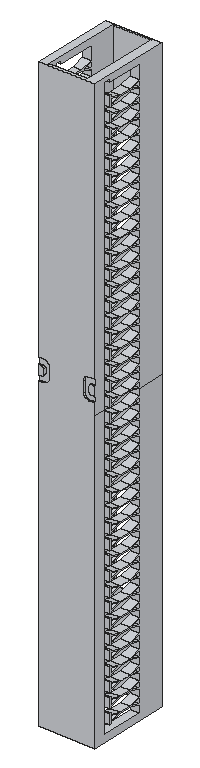
Revit family
Parameters
  Material ID = "760072876"
  Description = "Vertical Cable Management Kit, 8in X 84in (203mm X 2134mm) Single Sided, With Door, Silver"
Reference planes (in)
  plane 1 "Center (Front/Back)": y = 0
  plane 2: z = 0
  plane 3 "Center (Left/Right)": x = 0
Forms (in)
  Extrusion 1, void, not visible
    sketch origin (0, 0, 0) x (1, 0, 0) y (0, 0, 1)
      loop
        line (-7.85662, 0.48089) -> (-7.85662, -0.39002) -> (-7.67285, -0.39002) -> (-7.67285, -0.64002) -> (-7.0736, -0.64002) -> (-7.0736, -0.39002) -> (-6.92978, -0.39002) -> (-6.92978, 0.48089) -> (-7.85662, 0.48089)
    from -3.79215 to 12
  Extrusion 2, void, not visible
    sketch origin (0, 0, 0) x (1, 0, 0) y (0, 0, 1)
      loop
        line (-8.21397, 0.42583) -> (-8.21397, -0.07417) -> (-8.08657, -0.07417) -> (-8.08657, -0.27417) -> (-7.83657, -0.27417) -> (-7.83657, -0.07417) -> (-7.72497, -0.07417) -> (-7.72497, 0.42583) -> (-8.21397, 0.42583)
    from 0.74059 to 3.34334
  Extrusion 3, solid
    sketch origin (0, 0, 0) x (1, 0, 0) y (0, 0, 1)
      loop
        line (7, 42) -> (-1, 42) -> (-1, -42) -> (7, -42) -> (7, 0) -> (7, 42)
    from 11.281 to -0.549
  Extrusion 4, void
    sketch origin (0, 0, 0) x (1, 0, 0) y (0, 0, 1)
      loop
        line (7, 4.67999) -> (6.17811, 4.67999)
        arc (6.17811, 4.67999) -> (5.61242, 4.44568) -> (5.37811, 3.87999) r 0.8
        line (5.37811, 3.87999) -> (5.37811, 2.45474)
        arc (5.37811, 2.45474) -> (5.61242, 1.88905) -> (6.17811, 1.65474) r 0.8
        line (6.17811, 1.65474) -> (7, 1.65474) -> (7, 2.45474) -> (6.47811, 2.45474)
        arc (6.47811, 2.45474) -> (6.26598, 2.54261) -> (6.17811, 2.75474) r 0.3
        line (6.17811, 2.75474) -> (6.17811, 3.44627)
        arc (6.17811, 3.44627) -> (6.26598, 3.6584) -> (6.47811, 3.74627) r 0.3
        line (6.47811, 3.74627) -> (7, 3.74627) -> (7, 4.67999)
      loop
        line (-1, 4.67999) -> (-1, 3.74627) -> (-0.47811, 3.74627)
        arc (-0.47811, 3.74627) -> (-0.26598, 3.6584) -> (-0.17811, 3.44627) r 0.3
        line (-0.17811, 3.44627) -> (-0.17811, 2.75474)
        arc (-0.17811, 2.75474) -> (-0.26598, 2.54261) -> (-0.47811, 2.45474) r 0.3
        line (-0.47811, 2.45474) -> (-1, 2.45474) -> (-1, 1.65474) -> (-0.17811, 1.65474)
        arc (-0.17811, 1.65474) -> (0.38758, 1.88905) -> (0.62189, 2.45474) r 0.8
        line (0.62189, 2.45474) -> (0.62189, 3.87999)
        arc (0.62189, 3.87999) -> (0.38758, 4.44568) -> (-0.17811, 4.67999) r 0.8
        line (-0.17811, 4.67999) -> (-1, 4.67999)
    from 11.08569 to 11.281
  Extrusion 5, void
    sketch origin (0, 0, 0) x (1, 0, 0) y (0, 1, 0)
      loop
        line (5.70983, 0.3385) -> (0.20983, 0.3385) -> (0.20983, -10.9115) -> (5.70983, -10.9115) -> (5.70983, 0.3385)
    from -57.1272 to 54.97812
  Extrusion 6, void
    sketch origin (0, 0, 0) x (0, 1, 0) y (0, 0, 1)
      loop
        line (-3.37841, 39.06909) -> (-3.37841, 41.06909) -> (-8.50915, 41.06909) -> (-8.50915, 39.06909) -> (-6.81878, 38.61615) -> (-5.06878, 38.61615) -> (-3.37841, 39.06909)
      loop
        line (-3.37841, 38.06909) -> (-5.06878, 38.52202) -> (-6.81878, 38.52202) -> (-8.50915, 38.06909) -> (-8.50915, 37.81909) -> (-8.50915, 37.06909) -> (-6.81878, 36.61615) -> (-5.06878, 36.61615) -> (-3.37841, 37.06909) -> (-3.37841, 37.81909) -> (-3.37841, 38.06909)
      loop
        line (-3.37841, 39.00985) -> (-4.9864, 38.57899) -> (-3.37841, 38.14813) -> (-3.37841, 39.00985)
      loop
        line (-8.50915, 39.00985) -> (-8.50915, 38.14813) -> (-6.90115, 38.57899) -> (-8.50915, 39.00985)
      loop
        line (-3.37841, 36.06909) -> (-5.06878, 36.52202) -> (-6.81878, 36.52202) -> (-8.50915, 36.06909) -> (-8.50915, 35.06909) -> (-6.81878, 34.61615) -> (-5.06878, 34.61615) -> (-3.37841, 35.06909) -> (-3.37841, 36.06909)
      loop
        line (-3.37841, 37.00985) -> (-4.9864, 36.57899) -> (-3.37841, 36.14813) -> (-3.37841, 37.00985)
      loop
        line (-8.50915, 37.00985) -> (-8.50915, 36.14813) -> (-6.90115, 36.57899) -> (-8.50915, 37.00985)
      loop
        line (-3.37841, 34.06909) -> (-5.06878, 34.52202) -> (-6.81878, 34.52202) -> (-8.50915, 34.06909) -> (-8.50915, 33.06909) -> (-6.81878, 32.61615) -> (-5.06878, 32.61615) -> (-3.37841, 33.06909) -> (-3.37841, 34.06909)
      loop
        line (-3.37841, 35.00985) -> (-4.9864, 34.57899) -> (-3.37841, 34.14813) -> (-3.37841, 35.00985)
      loop
        line (-8.50915, 35.00985) -> (-8.50915, 34.14813) -> (-6.90115, 34.57899) -> (-8.50915, 35.00985)
      loop
        line (-3.37841, 32.06909) -> (-5.06878, 32.52202) -> (-6.81878, 32.52202) -> (-8.50915, 32.06909) -> (-8.50915, 31.06909) -> (-6.81878, 30.61615) -> (-5.06878, 30.61615) -> (-3.37841, 31.06909) -> (-3.37841, 32.06909)
      loop
        line (-3.37841, 33.00985) -> (-4.9864, 32.57899) -> (-3.37841, 32.14813) -> (-3.37841, 33.00985)
      loop
        line (-8.50915, 33.00985) -> (-8.50915, 32.14813) -> (-6.90115, 32.57899) -> (-8.50915, 33.00985)
      loop
        line (-3.37841, 30.06909) -> (-5.06878, 30.52202) -> (-6.81878, 30.52202) -> (-8.50915, 30.06909) -> (-8.50915, 29.06909) -> (-6.81878, 28.61615) -> (-5.06878, 28.61615) -> (-3.37841, 29.06909) -> (-3.37841, 30.06909)
      loop
        line (-3.37841, 31.00985) -> (-4.9864, 30.57899) -> (-3.37841, 30.14813) -> (-3.37841, 31.00985)
      loop
        line (-8.50915, 31.00985) -> (-8.50915, 30.14813) -> (-6.90115, 30.57899) -> (-8.50915, 31.00985)
      loop
        line (-3.37841, 28.06909) -> (-5.06878, 28.52202) -> (-6.81878, 28.52202) -> (-8.50915, 28.06909) -> (-8.50915, 27.06909) -> (-6.81878, 26.61615) -> (-5.06878, 26.61615) -> (-3.37841, 27.06909) -> (-3.37841, 28.06909)
      loop
        line (-3.37841, 29.00985) -> (-4.9864, 28.57899) -> (-3.37841, 28.14813) -> (-3.37841, 29.00985)
      loop
        line (-8.50915, 29.00985) -> (-8.50915, 28.14813) -> (-6.90115, 28.57899) -> (-8.50915, 29.00985)
      loop
        line (-3.37841, 26.06909) -> (-5.06878, 26.52202) -> (-6.81878, 26.52202) -> (-8.50915, 26.06909) -> (-8.50915, 25.06909) -> (-6.81878, 24.61615) -> (-5.06878, 24.61615) -> (-3.37841, 25.06909) -> (-3.37841, 26.06909)
      loop
        line (-3.37841, 27.00985) -> (-4.9864, 26.57899) -> (-3.37841, 26.14813) -> (-3.37841, 27.00985)
      loop
        line (-8.50915, 27.00985) -> (-8.50915, 26.14813) -> (-6.90115, 26.57899) -> (-8.50915, 27.00985)
      loop
        line (-3.37841, 24.06909) -> (-5.06878, 24.52202) -> (-6.81878, 24.52202) -> (-8.50915, 24.06909) -> (-8.50915, 23.06909) -> (-6.81878, 22.61615) -> (-5.06878, 22.61615) -> (-3.37841, 23.06909) -> (-3.37841, 24.06909)
      loop
        line (-3.37841, 25.00985) -> (-4.9864, 24.57899) -> (-3.37841, 24.14813) -> (-3.37841, 25.00985)
      loop
        line (-8.50915, 25.00985) -> (-8.50915, 24.14813) -> (-6.90115, 24.57899) -> (-8.50915, 25.00985)
      loop
        line (-3.37841, 22.06909) -> (-5.06878, 22.52202) -> (-6.81878, 22.52202) -> (-8.50915, 22.06909) -> (-8.50915, 21.06909) -> (-6.81878, 20.61615) -> (-5.06878, 20.61615) -> (-3.37841, 21.06909) -> (-3.37841, 22.06909)
      loop
        line (-3.37841, 23.00985) -> (-4.9864, 22.57899) -> (-3.37841, 22.14813) -> (-3.37841, 23.00985)
      loop
        line (-8.50915, 23.00985) -> (-8.50915, 22.14813) -> (-6.90115, 22.57899) -> (-8.50915, 23.00985)
      loop
        line (-3.37841, 20.06909) -> (-5.06878, 20.52202) -> (-6.81878, 20.52202) -> (-8.50915, 20.06909) -> (-8.50915, 19.06909) -> (-6.81878, 18.61615) -> (-5.06878, 18.61615) -> (-3.37841, 19.06909) -> (-3.37841, 20.06909)
      loop
        line (-3.37841, 21.00985) -> (-4.9864, 20.57899) -> (-3.37841, 20.14813) -> (-3.37841, 21.00985)
      loop
        line (-8.50915, 21.00985) -> (-8.50915, 20.14813) -> (-6.90115, 20.57899) -> (-8.50915, 21.00985)
      loop
        line (-3.37841, 18.06909) -> (-5.06878, 18.52202) -> (-6.81878, 18.52202) -> (-8.50915, 18.06909) -> (-8.50915, 17.06909) -> (-6.81878, 16.61615) -> (-5.06878, 16.61615) -> (-3.37841, 17.06909) -> (-3.37841, 18.06909)
      loop
        line (-3.37841, 19.00985) -> (-4.9864, 18.57899) -> (-3.37841, 18.14813) -> (-3.37841, 19.00985)
      loop
        line (-8.50915, 19.00985) -> (-8.50915, 18.14813) -> (-6.90115, 18.57899) -> (-8.50915, 19.00985)
      loop
        line (-3.37841, 16.06909) -> (-5.06878, 16.52202) -> (-6.81878, 16.52202) -> (-8.50915, 16.06909) -> (-8.50915, 15.06909) -> (-6.81878, 14.61615) -> (-5.06878, 14.61615) -> (-3.37841, 15.06909) -> (-3.37841, 16.06909)
      loop
        line (-3.37841, 17.00985) -> (-4.9864, 16.57899) -> (-3.37841, 16.14813) -> (-3.37841, 17.00985)
      loop
        line (-8.50915, 17.00985) -> (-8.50915, 16.14813) -> (-6.90115, 16.57899) -> (-8.50915, 17.00985)
      loop
        line (-3.37841, 14.06909) -> (-5.06878, 14.52202) -> (-6.81878, 14.52202) -> (-8.50915, 14.06909) -> (-8.50915, 13.06909) -> (-6.81878, 12.61615) -> (-5.06878, 12.61615) -> (-3.37841, 13.06909) -> (-3.37841, 14.06909)
      loop
        line (-3.37841, 15.00985) -> (-4.9864, 14.57899) -> (-3.37841, 14.14813) -> (-3.37841, 15.00985)
      loop
        line (-8.50915, 15.00985) -> (-8.50915, 14.14813) -> (-6.90115, 14.57899) -> (-8.50915, 15.00985)
      loop
        line (-3.37841, 12.06909) -> (-5.06878, 12.52202) -> (-6.81878, 12.52202) -> (-8.50915, 12.06909) -> (-8.50915, 11.06909) -> (-6.81878, 10.61615) -> (-5.06878, 10.61615) -> (-3.37841, 11.06909) -> (-3.37841, 12.06909)
      loop
        line (-3.37841, 13.00985) -> (-4.9864, 12.57899) -> (-3.37841, 12.14813) -> (-3.37841, 13.00985)
      loop
        line (-8.50915, 13.00985) -> (-8.50915, 12.14813) -> (-6.90115, 12.57899) -> (-8.50915, 13.00985)
      loop
        line (-3.37841, 10.06909) -> (-5.06878, 10.52202) -> (-6.81878, 10.52202) -> (-8.50915, 10.06909) -> (-8.50915, 9.06909) -> (-6.81878, 8.61615) -> (-5.06878, 8.61615) -> (-3.37841, 9.06909) -> (-3.37841, 10.06909)
      loop
        line (-3.37841, 11.00985) -> (-4.9864, 10.57899) -> (-3.37841, 10.14813) -> (-3.37841, 11.00985)
      loop
        line (-8.50915, 11.00985) -> (-8.50915, 10.14813) -> (-6.90115, 10.57899) -> (-8.50915, 11.00985)
      loop
        line (-3.37841, 8.06909) -> (-5.06878, 8.52202) -> (-6.81878, 8.52202) -> (-8.50915, 8.06909) -> (-8.50915, 7.06909) -> (-6.81878, 6.61615) -> (-5.06878, 6.61615) -> (-3.37841, 7.06909) -> (-3.37841, 8.06909)
      loop
        line (-3.37841, 9.00985) -> (-4.9864, 8.57899) -> (-3.37841, 8.14813) -> (-3.37841, 9.00985)
      loop
        line (-8.50915, 9.00985) -> (-8.50915, 8.14813) -> (-6.90115, 8.57899) -> (-8.50915, 9.00985)
      loop
        line (-3.37841, 6.06909) -> (-5.06878, 6.52202) -> (-6.81878, 6.52202) -> (-8.50915, 6.06909) -> (-8.50915, 5.06909) -> (-6.81878, 4.61615) -> (-5.06878, 4.61615) -> (-3.37841, 5.06909) -> (-3.37841, 6.06909)
      loop
        line (-3.37841, 7.00985) -> (-4.9864, 6.57899) -> (-3.37841, 6.14813) -> (-3.37841, 7.00985)
      loop
        line (-8.50915, 7.00985) -> (-8.50915, 6.14813) -> (-6.90115, 6.57899) -> (-8.50915, 7.00985)
      loop
        line (-3.37841, 4.06909) -> (-5.06878, 4.52202) -> (-6.81878, 4.52202) -> (-8.50915, 4.06909) -> (-8.50915, 3.06909) -> (-6.81878, 2.61615) -> (-5.06878, 2.61615) -> (-3.37841, 3.06909) -> (-3.37841, 4.06909)
      loop
        line (-3.37841, 5.00985) -> (-4.9864, 4.57899) -> (-3.37841, 4.14813) -> (-3.37841, 5.00985)
      loop
        line (-8.50915, 5.00985) -> (-8.50915, 4.14813) -> (-6.90115, 4.57899) -> (-8.50915, 5.00985)
      loop
        line (-3.37841, 2.06909) -> (-5.06878, 2.52202) -> (-6.81878, 2.52202) -> (-8.50915, 2.06909) -> (-8.50915, 1.06909) -> (-6.81878, 0.61615) -> (-5.06878, 0.61615) -> (-3.37841, 1.06909) -> (-3.37841, 2.06909)
      loop
        line (-3.37841, 3.00985) -> (-4.9864, 2.57899) -> (-3.37841, 2.14813) -> (-3.37841, 3.00985)
      loop
        line (-8.50915, 3.00985) -> (-8.50915, 2.14813) -> (-6.90115, 2.57899) -> (-8.50915, 3.00985)
      loop
        line (-3.37841, 0.06909) -> (-5.06878, 0.52202) -> (-6.81878, 0.52202) -> (-8.50915, 0.06909) -> (-8.50915, -0.93091) -> (-6.81878, -1.38385) -> (-5.06878, -1.38385) -> (-3.37841, -0.93091) -> (-3.37841, 0.06909)
      loop
        line (-3.37841, 1.00985) -> (-4.9864, 0.57899) -> (-3.37841, 0.14813) -> (-3.37841, 1.00985)
      loop
        line (-8.50915, 1.00985) -> (-8.50915, 0.14813) -> (-6.90115, 0.57899) -> (-8.50915, 1.00985)
      loop
        line (-3.37841, -1.93091) -> (-5.06878, -1.47798) -> (-6.81878, -1.47798) -> (-8.50915, -1.93091) -> (-8.50915, -2.93091) -> (-6.81878, -3.38385) -> (-5.06878, -3.38385) -> (-3.37841, -2.93091) -> (-3.37841, -1.93091)
      loop
        line (-3.37841, -0.99015) -> (-4.9864, -1.42101) -> (-3.37841, -1.85187) -> (-3.37841, -0.99015)
      loop
        line (-8.50915, -0.99015) -> (-8.50915, -1.85187) -> (-6.90115, -1.42101) -> (-8.50915, -0.99015)
      loop
        line (-3.37841, -3.93091) -> (-5.06878, -3.47798) -> (-6.81878, -3.47798) -> (-8.50915, -3.93091) -> (-8.50915, -4.93091) -> (-6.81878, -5.38385) -> (-5.06878, -5.38385) -> (-3.37841, -4.93091) -> (-3.37841, -3.93091)
      loop
        line (-3.37841, -2.99015) -> (-4.9864, -3.42101) -> (-3.37841, -3.85187) -> (-3.37841, -2.99015)
      loop
        line (-8.50915, -2.99015) -> (-8.50915, -3.85187) -> (-6.90115, -3.42101) -> (-8.50915, -2.99015)
      loop
        line (-3.37841, -5.93091) -> (-5.06878, -5.47798) -> (-6.81878, -5.47798) -> (-8.50915, -5.93091) -> (-8.50915, -6.93091) -> (-6.81878, -7.38385) -> (-5.06878, -7.38385) -> (-3.37841, -6.93091) -> (-3.37841, -5.93091)
      loop
        line (-3.37841, -4.99015) -> (-4.9864, -5.42101) -> (-3.37841, -5.85187) -> (-3.37841, -4.99015)
      loop
        line (-8.50915, -4.99015) -> (-8.50915, -5.85187) -> (-6.90115, -5.42101) -> (-8.50915, -4.99015)
      loop
        line (-3.37841, -7.93091) -> (-5.06878, -7.47798) -> (-6.81878, -7.47798) -> (-8.50915, -7.93091) -> (-8.50915, -8.93091) -> (-6.81878, -9.38385) -> (-5.06878, -9.38385) -> (-3.37841, -8.93091) -> (-3.37841, -7.93091)
      loop
        line (-3.37841, -6.99015) -> (-4.9864, -7.42101) -> (-3.37841, -7.85187) -> (-3.37841, -6.99015)
      loop
        line (-8.50915, -6.99015) -> (-8.50915, -7.85187) -> (-6.90115, -7.42101) -> (-8.50915, -6.99015)
      loop
        line (-3.37841, -9.93091) -> (-5.06878, -9.47798) -> (-6.81878, -9.47798) -> (-8.50915, -9.93091) -> (-8.50915, -10.93091) -> (-6.81878, -11.38385) -> (-5.06878, -11.38385) -> (-3.37841, -10.93091) -> (-3.37841, -9.93091)
      loop
        line (-3.37841, -8.99015) -> (-4.9864, -9.42101) -> (-3.37841, -9.85187) -> (-3.37841, -8.99015)
      loop
        line (-8.50915, -8.99015) -> (-8.50915, -9.85187) -> (-6.90115, -9.42101) -> (-8.50915, -8.99015)
      loop
        line (-3.37841, -11.93091) -> (-5.06878, -11.47798) -> (-6.81878, -11.47798) -> (-8.50915, -11.93091) -> (-8.50915, -12.93091) -> (-6.81878, -13.38385) -> (-5.06878, -13.38385) -> (-3.37841, -12.93091) -> (-3.37841, -11.93091)
      loop
        line (-3.37841, -10.99015) -> (-4.9864, -11.42101) -> (-3.37841, -11.85187) -> (-3.37841, -10.99015)
      loop
        line (-8.50915, -10.99015) -> (-8.50915, -11.85187) -> (-6.90115, -11.42101) -> (-8.50915, -10.99015)
      loop
        line (-3.37841, -13.93091) -> (-5.06878, -13.47798) -> (-6.81878, -13.47798) -> (-8.50915, -13.93091) -> (-8.50915, -14.93091) -> (-6.81878, -15.38385) -> (-5.06878, -15.38385) -> (-3.37841, -14.93091) -> (-3.37841, -13.93091)
      loop
        line (-3.37841, -12.99015) -> (-4.9864, -13.42101) -> (-3.37841, -13.85187) -> (-3.37841, -12.99015)
      loop
        line (-8.50915, -12.99015) -> (-8.50915, -13.85187) -> (-6.90115, -13.42101) -> (-8.50915, -12.99015)
      loop
        line (-3.37841, -15.93091) -> (-5.06878, -15.47798) -> (-6.81878, -15.47798) -> (-8.50915, -15.93091) -> (-8.50915, -16.93091) -> (-6.81878, -17.38385) -> (-5.06878, -17.38385) -> (-3.37841, -16.93091) -> (-3.37841, -15.93091)
      loop
        line (-3.37841, -14.99015) -> (-4.9864, -15.42101) -> (-3.37841, -15.85187) -> (-3.37841, -14.99015)
      loop
        line (-8.50915, -14.99015) -> (-8.50915, -15.85187) -> (-6.90115, -15.42101) -> (-8.50915, -14.99015)
      loop
        line (-3.37841, -17.93091) -> (-5.06878, -17.47798) -> (-6.81878, -17.47798) -> (-8.50915, -17.93091) -> (-8.50915, -18.93091) -> (-6.81878, -19.38385) -> (-5.06878, -19.38385) -> (-3.37841, -18.93091) -> (-3.37841, -17.93091)
      loop
        line (-3.37841, -16.99015) -> (-4.9864, -17.42101) -> (-3.37841, -17.85187) -> (-3.37841, -16.99015)
      loop
        line (-8.50915, -16.99015) -> (-8.50915, -17.85187) -> (-6.90115, -17.42101) -> (-8.50915, -16.99015)
      loop
        line (-3.37841, -19.93091) -> (-5.06878, -19.47798) -> (-6.81878, -19.47798) -> (-8.50915, -19.93091) -> (-8.50915, -20.93091) -> (-6.81878, -21.38385) -> (-5.06878, -21.38385) -> (-3.37841, -20.93091) -> (-3.37841, -19.93091)
      loop
        line (-3.37841, -18.99015) -> (-4.9864, -19.42101) -> (-3.37841, -19.85187) -> (-3.37841, -18.99015)
      loop
        line (-8.50915, -18.99015) -> (-8.50915, -19.85187) -> (-6.90115, -19.42101) -> (-8.50915, -18.99015)
      loop
        line (-3.37841, -21.93091) -> (-5.06878, -21.47798) -> (-6.81878, -21.47798) -> (-8.50915, -21.93091) -> (-8.50915, -22.93091) -> (-6.81878, -23.38385) -> (-5.06878, -23.38385) -> (-3.37841, -22.93091) -> (-3.37841, -21.93091)
      loop
        line (-3.37841, -20.99015) -> (-4.9864, -21.42101) -> (-3.37841, -21.85187) -> (-3.37841, -20.99015)
      loop
        line (-8.50915, -20.99015) -> (-8.50915, -21.85187) -> (-6.90115, -21.42101) -> (-8.50915, -20.99015)
      loop
        line (-3.37841, -23.93091) -> (-5.06878, -23.47798) -> (-6.81878, -23.47798) -> (-8.50915, -23.93091) -> (-8.50915, -24.93091) -> (-6.81878, -25.38385) -> (-5.06878, -25.38385) -> (-3.37841, -24.93091) -> (-3.37841, -23.93091)
      loop
        line (-3.37841, -22.99015) -> (-4.9864, -23.42101) -> (-3.37841, -23.85187) -> (-3.37841, -22.99015)
      loop
        line (-8.50915, -22.99015) -> (-8.50915, -23.85187) -> (-6.90115, -23.42101) -> (-8.50915, -22.99015)
      loop
        line (-3.37841, -25.93091) -> (-5.06878, -25.47798) -> (-6.81878, -25.47798) -> (-8.50915, -25.93091) -> (-8.50915, -26.93091) -> (-6.81878, -27.38385) -> (-5.06878, -27.38385) -> (-3.37841, -26.93091) -> (-3.37841, -25.93091)
      loop
        line (-3.37841, -24.99015) -> (-4.9864, -25.42101) -> (-3.37841, -25.85187) -> (-3.37841, -24.99015)
      loop
        line (-8.50915, -24.99015) -> (-8.50915, -25.85187) -> (-6.90115, -25.42101) -> (-8.50915, -24.99015)
      loop
        line (-3.37841, -27.93091) -> (-5.06878, -27.47798) -> (-6.81878, -27.47798) -> (-8.50915, -27.93091) -> (-8.50915, -28.93091) -> (-6.81878, -29.38385) -> (-5.06878, -29.38385) -> (-3.37841, -28.93091) -> (-3.37841, -27.93091)
      loop
        line (-3.37841, -26.99015) -> (-4.9864, -27.42101) -> (-3.37841, -27.85187) -> (-3.37841, -26.99015)
      loop
        line (-8.50915, -26.99015) -> (-8.50915, -27.85187) -> (-6.90115, -27.42101) -> (-8.50915, -26.99015)
      loop
        line (-3.37841, -29.93091) -> (-5.06878, -29.47798) -> (-6.81878, -29.47798) -> (-8.50915, -29.93091) -> (-8.50915, -30.93091) -> (-6.81878, -31.38385) -> (-5.06878, -31.38385) -> (-3.37841, -30.93091) -> (-3.37841, -29.93091)
      loop
        line (-3.37841, -28.99015) -> (-4.9864, -29.42101) -> (-3.37841, -29.85187) -> (-3.37841, -28.99015)
      loop
        line (-8.50915, -28.99015) -> (-8.50915, -29.85187) -> (-6.90115, -29.42101) -> (-8.50915, -28.99015)
      loop
        line (-3.37841, -31.93091) -> (-5.06878, -31.47798) -> (-6.81878, -31.47798) -> (-8.50915, -31.93091) -> (-8.50915, -32.93091) -> (-6.81878, -33.38385) -> (-5.06878, -33.38385) -> (-3.37841, -32.93091) -> (-3.37841, -31.93091)
      loop
        line (-3.37841, -30.99015) -> (-4.9864, -31.42101) -> (-3.37841, -31.85187) -> (-3.37841, -30.99015)
      loop
        line (-8.50915, -30.99015) -> (-8.50915, -31.85187) -> (-6.90115, -31.42101) -> (-8.50915, -30.99015)
      loop
        line (-3.37841, -33.93091) -> (-5.06878, -33.47798) -> (-6.81878, -33.47798) -> (-8.50915, -33.93091) -> (-8.50915, -34.93091) -> (-6.81878, -35.38385) -> (-5.06878, -35.38385) -> (-3.37841, -34.93091) -> (-3.37841, -33.93091)
      loop
        line (-3.37841, -32.99015) -> (-4.9864, -33.42101) -> (-3.37841, -33.85187) -> (-3.37841, -32.99015)
      loop
        line (-8.50915, -32.99015) -> (-8.50915, -33.85187) -> (-6.90115, -33.42101) -> (-8.50915, -32.99015)
      loop
        line (-3.37841, -35.93091) -> (-5.06878, -35.47798) -> (-6.81878, -35.47798) -> (-8.50915, -35.93091) -> (-8.50915, -36.93091) -> (-6.81878, -37.38385) -> (-5.06878, -37.38385) -> (-3.37841, -36.93091) -> (-3.37841, -35.93091)
      loop
        line (-3.37841, -34.99015) -> (-4.9864, -35.42101) -> (-3.37841, -35.85187) -> (-3.37841, -34.99015)
      loop
        line (-8.50915, -34.99015) -> (-8.50915, -35.85187) -> (-6.90115, -35.42101) -> (-8.50915, -34.99015)
      loop
        line (-3.37841, -37.93091) -> (-5.06878, -37.47798) -> (-6.81878, -37.47798) -> (-8.50915, -37.93091) -> (-8.50915, -38.93091) -> (-6.81878, -39.38385) -> (-5.06878, -39.38385) -> (-3.37841, -38.93091) -> (-3.37841, -37.93091)
      loop
        line (-3.37841, -36.99015) -> (-4.9864, -37.42101) -> (-3.37841, -37.85187) -> (-3.37841, -36.99015)
      loop
        line (-8.50915, -36.99015) -> (-8.50915, -37.85187) -> (-6.90115, -37.42101) -> (-8.50915, -36.99015)
      loop
        line (-3.37841, -40.99798) -> (-3.37841, -39.93091) -> (-5.06878, -39.47798) -> (-6.81878, -39.47798) -> (-8.50915, -39.93091) -> (-8.50915, -40.99798) -> (-3.37841, -40.99798)
      loop
        line (-3.37841, -38.99015) -> (-4.9864, -39.42101) -> (-3.37841, -39.85187) -> (-3.37841, -38.99015)
      loop
        line (-8.50915, -38.99015) -> (-8.50915, -39.85187) -> (-6.90115, -39.42101) -> (-8.50915, -38.99015)
    from -16.16264 to 12
  Extrusion 7, void
    sketch origin (0, 0, 0) x (0, 1, 0) y (0, 0, 1)
      loop
        line (-9.74802, 41.47806) -> (-9.74802, -41) -> (-8.75915, -41) -> (-8.75915, 41.47806) -> (-9.74802, 41.47806)
    from -16.48531 to 12
  Extrusion 8, void
    sketch origin (0, 0, 0) x (1, 0, 0) y (0, 0, 1)
      loop
        line (5.49935, 28.88043) -> (0.49935, 28.88043) -> (0.49935, 16.13043) -> (5.49935, 16.13043) -> (5.49935, 28.88043)
      loop
        line (5.49935, -28.88043) -> (5.49935, -16.13043) -> (0.49935, -16.13043) -> (0.49935, -28.88043) -> (5.49935, -28.88043)
    from -9.86946 to 1.00595
  Extrusion 9, void
    sketch origin (7, 0, 42) x (0, 0, 1) y (0, 1, 0)
      loop
        line (-0.93091, -7.22337) -> (-2.68091, -7.22337) -> (-2.68091, -9.22337) -> (-0.93091, -9.22337) -> (-0.93091, -7.22337)
      loop
        line (-4.08537, -9.05786) -> (-4.08537, -8.05786) -> (-4.76237, -8.05786) -> (-4.76237, -9.05786) -> (-4.08537, -9.05786)
      loop
        line (-6.08537, -9.05786) -> (-6.08537, -8.05786) -> (-6.76237, -8.05786) -> (-6.76237, -9.05786) -> (-6.08537, -9.05786)
      loop
        line (-8.08537, -9.05786) -> (-8.08537, -8.05786) -> (-8.76237, -8.05786) -> (-8.76237, -9.05786) -> (-8.08537, -9.05786)
      loop
        line (-10.08537, -9.05786) -> (-10.08537, -8.05786) -> (-10.76237, -8.05786) -> (-10.76237, -9.05786) -> (-10.08537, -9.05786)
      loop
        line (-12.08537, -9.05786) -> (-12.08537, -8.05786) -> (-12.76237, -8.05786) -> (-12.76237, -9.05786) -> (-12.08537, -9.05786)
      loop
        line (-14.08537, -9.05786) -> (-14.08537, -8.05786) -> (-14.76237, -8.05786) -> (-14.76237, -9.05786) -> (-14.08537, -9.05786)
      loop
        line (-16.08537, -9.05786) -> (-16.08537, -8.05786) -> (-16.76237, -8.05786) -> (-16.76237, -9.05786) -> (-16.08537, -9.05786)
      loop
        line (-18.08537, -9.05786) -> (-18.08537, -8.05786) -> (-18.76237, -8.05786) -> (-18.76237, -9.05786) -> (-18.08537, -9.05786)
      loop
        line (-20.08537, -9.05786) -> (-20.08537, -8.05786) -> (-20.76237, -8.05786) -> (-20.76237, -9.05786) -> (-20.08537, -9.05786)
      loop
        line (-22.08537, -9.05786) -> (-22.08537, -8.05786) -> (-22.76237, -8.05786) -> (-22.76237, -9.05786) -> (-22.08537, -9.05786)
      loop
        line (-24.08537, -9.05786) -> (-24.08537, -8.05786) -> (-24.76237, -8.05786) -> (-24.76237, -9.05786) -> (-24.08537, -9.05786)
      loop
        line (-26.08537, -9.05786) -> (-26.08537, -8.05786) -> (-26.76237, -8.05786) -> (-26.76237, -9.05786) -> (-26.08537, -9.05786)
      loop
        line (-28.08537, -9.05786) -> (-28.08537, -8.05786) -> (-28.76237, -8.05786) -> (-28.76237, -9.05786) -> (-28.08537, -9.05786)
      loop
        line (-30.08537, -9.05786) -> (-30.08537, -8.05786) -> (-30.76237, -8.05786) -> (-30.76237, -9.05786) -> (-30.08537, -9.05786)
      loop
        line (-32.08537, -9.05786) -> (-32.08537, -8.05786) -> (-32.76237, -8.05786) -> (-32.76237, -9.05786) -> (-32.08537, -9.05786)
      loop
        line (-34.08537, -9.05786) -> (-34.08537, -8.05786) -> (-34.76237, -8.05786) -> (-34.76237, -9.05786) -> (-34.08537, -9.05786)
      loop
        line (-36.08537, -9.05786) -> (-36.08537, -8.05786) -> (-36.76237, -8.05786) -> (-36.76237, -9.05786) -> (-36.08537, -9.05786)
      loop
        line (-38.08537, -9.05786) -> (-38.08537, -8.05786) -> (-38.76237, -8.05786) -> (-38.76237, -9.05786) -> (-38.08537, -9.05786)
      loop
        line (-40.08537, -9.05786) -> (-40.08537, -8.05786) -> (-40.76237, -8.05786) -> (-40.76237, -9.05786) -> (-40.08537, -9.05786)
      loop
        line (-42.08537, -9.05786) -> (-42.08537, -8.05786) -> (-42.76237, -8.05786) -> (-42.76237, -9.05786) -> (-42.08537, -9.05786)
      loop
        line (-44.08537, -9.05786) -> (-44.08537, -8.05786) -> (-44.76237, -8.05786) -> (-44.76237, -9.05786) -> (-44.08537, -9.05786)
      loop
        line (-46.08537, -9.05786) -> (-46.08537, -8.05786) -> (-46.76237, -8.05786) -> (-46.76237, -9.05786) -> (-46.08537, -9.05786)
      loop
        line (-48.08537, -9.05786) -> (-48.08537, -8.05786) -> (-48.76237, -8.05786) -> (-48.76237, -9.05786) -> (-48.08537, -9.05786)
      loop
        line (-50.08537, -9.05786) -> (-50.08537, -8.05786) -> (-50.76237, -8.05786) -> (-50.76237, -9.05786) -> (-50.08537, -9.05786)
      loop
        line (-52.08537, -9.05786) -> (-52.08537, -8.05786) -> (-52.76237, -8.05786) -> (-52.76237, -9.05786) -> (-52.08537, -9.05786)
      loop
        line (-54.08537, -9.05786) -> (-54.08537, -8.05786) -> (-54.76237, -8.05786) -> (-54.76237, -9.05786) -> (-54.08537, -9.05786)
      loop
        line (-56.08537, -9.05786) -> (-56.08537, -8.05786) -> (-56.76237, -8.05786) -> (-56.76237, -9.05786) -> (-56.08537, -9.05786)
      loop
        line (-58.08537, -9.05786) -> (-58.08537, -8.05786) -> (-58.76237, -8.05786) -> (-58.76237, -9.05786) -> (-58.08537, -9.05786)
      loop
        line (-60.08537, -9.05786) -> (-60.08537, -8.05786) -> (-60.76237, -8.05786) -> (-60.76237, -9.05786) -> (-60.08537, -9.05786)
      loop
        line (-62.08537, -9.05786) -> (-62.08537, -8.05786) -> (-62.76237, -8.05786) -> (-62.76237, -9.05786) -> (-62.08537, -9.05786)
      loop
        line (-64.08537, -9.05786) -> (-64.08537, -8.05786) -> (-64.76237, -8.05786) -> (-64.76237, -9.05786) -> (-64.08537, -9.05786)
      loop
        line (-66.08537, -9.05786) -> (-66.08537, -8.05786) -> (-66.76237, -8.05786) -> (-66.76237, -9.05786) -> (-66.08537, -9.05786)
      loop
        line (-68.08537, -9.05786) -> (-68.08537, -8.05786) -> (-68.76237, -8.05786) -> (-68.76237, -9.05786) -> (-68.08537, -9.05786)
      loop
        line (-70.08537, -9.05786) -> (-70.08537, -8.05786) -> (-70.76237, -8.05786) -> (-70.76237, -9.05786) -> (-70.08537, -9.05786)
      loop
        line (-72.08537, -9.05786) -> (-72.08537, -8.05786) -> (-72.76237, -8.05786) -> (-72.76237, -9.05786) -> (-72.08537, -9.05786)
      loop
        line (-74.08537, -9.05786) -> (-74.08537, -8.05786) -> (-74.76237, -8.05786) -> (-74.76237, -9.05786) -> (-74.08537, -9.05786)
      loop
        line (-76.08537, -9.05786) -> (-76.08537, -8.05786) -> (-76.76237, -8.05786) -> (-76.76237, -9.05786) -> (-76.08537, -9.05786)
      loop
        line (-78.08537, -9.05786) -> (-78.08537, -8.05786) -> (-78.76237, -8.05786) -> (-78.76237, -9.05786) -> (-78.08537, -9.05786)
      loop
        line (-80.08537, -9.05786) -> (-80.08537, -8.05786) -> (-80.76237, -8.05786) -> (-80.76237, -9.05786) -> (-80.08537, -9.05786)
      loop
        line (-82.99798, -7.70129) -> (-82.99798, -9.20129) -> (-82.14251, -9.20129) -> (-82.14251, -7.70129) -> (-82.99798, -7.70129)
    from 0 to 12
Cuts and joins
  Extrusion 4, Extrusion 5, Extrusion 6, Extrusion 7, Extrusion 8, Extrusion 9 cuts Extrusion 3
